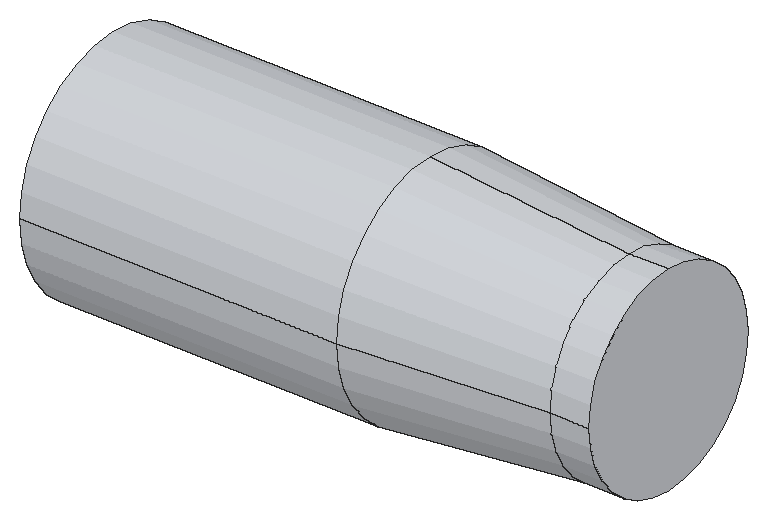
Revit family "e26b4c866e5b46469d8f2071de15edff", category Duct Fittings, Revit 2021
Family settings
  Round Connector Dimension = Use Radius
  Part Type = Tap - Adjustable
  OmniClass Number = 23.75.70.14
  OmniClass Title = Air Ductwork
  Seek Item ID = Round Takeoff Conical - DTL-0000-USA-ENU
  Work Plane-Based = No
  Always vertical = Yes
  Cut with Voids When Loaded = No
  Shared = No
Parameters (values of type "Standard")
  built-in parameter 1114214 [instance] = 1' - 4"
  built-in parameter 1114213 [instance] = 0' - 10"
  built-in parameter 1114215 [instance] = if(Diameter > 1' 4", Diameter * 0.25, 0' 4")  # 0.33333 (stored number, unit not read)
  Radius [instance] = 5"
  Default Elevation = 0' - 0"
  Collar Length [instance] = 2"
  Branch Radius [instance] = Branch Diameter / 2  # 5 7/8"
  Collar Length 1 [instance] = if(Collar Length = 0' 0", 1' 0" / 64, Collar Length)  # 2"
  Diameter [instance] = Radius * 2  # 10"
  Branch Diameter [instance] = 11 3/4"
Reference planes (in)
  plane 1 "Center (Front/Back)": y = 0
  plane 2: z = 0
  plane 3 "Center (Left/Right)": x = 0
  plane 4: x = -16
  plane 5: y = -120
  plane 6: y = 0
  plane 7: y = 0
  plane 8: x = 0
  plane 9: y = 0
  plane 10: x = 0
  plane 11: y = 0
  plane 12: x = 0
Forms (in)
  Extrusion 1, solid, not visible
    sketch origin (0, 0, 0) x (0, 1, 0) y (0, 0, 1)
      loop
        circle (0, 0) r 1
    from 0 to 0.87467
  Extrusion 2, solid, detail levels medium+fine
    sketch origin (0, 0, 0) x (0, 1, 0) y (0, 0, 1)
      loop
        circle (0, 0) r 5.875
    from 0 to -16
  SweptBlend 3, solid, detail levels medium+fine
    path in 3D
      loop
        line (0, 0, 0) -> (10, 0, 0)
    profile "Duct - Round : Duct - Round 1" origin (0, 0, 0) x (0, 1, 0) y (0, 0, 1)
      loop
        arc (-5.875, 0) -> (-4.15425, -4.15425) -> (0, -5.875) r 5.875
        arc (0, -5.875) -> (4.15425, -4.15425) -> (5.875, 0) r 5.875
        arc (5.875, 0) -> (4.15425, 4.15425) -> (0, 5.875) r 5.875
        arc (0, 5.875) -> (-4.15425, 4.15425) -> (-5.875, 0) r 5.875
    end profile "Duct - Round : Duct - Round 2" origin (10, 0, 0) x (0, 1, 0) y (0, 0, 1)
      loop
        arc (-5, 0) -> (-3.53553, -3.53553) -> (0, -5) r 5
        arc (0, -5) -> (3.53553, -3.53553) -> (5, 0) r 5
        arc (5, 0) -> (3.53553, 3.53553) -> (0, 5) r 5
        arc (0, 5) -> (-3.53553, 3.53553) -> (-5, 0) r 5
  Sweep 4, solid, detail levels medium+fine
    path in 3D
      loop
        line (10, 0, 0) -> (12, 0, 0)
    profile "Duct - Round : Duct - Round 2" origin (11, 0, 0) x (0, 1, 0) y (0, 0, 1)
      loop
        arc (-5, 0) -> (-3.53553, -3.53553) -> (0, -5) r 5
        arc (0, -5) -> (3.53553, -3.53553) -> (5, 0) r 5
        arc (5, 0) -> (3.53553, 3.53553) -> (0, 5) r 5
        arc (0, 5) -> (-3.53553, 3.53553) -> (-5, 0) r 5
Cuts and joins
  joined: Extrusion 2, SweptBlend 3, Sweep 4
Lines and regions (in)
  model lines, not visible, detail levels coarse
    curve 1: line (0, 0, 0) -> (10, 0, 0)
    curve 4: line (10, 0, 0) -> (12, 0, 0)
  reference lines
    curve 2: line (0, 0, 0) -> (10, 0, 0)
    curve 6: line (0, 0, 0) -> (10, 0, 0)
    curve 7: line (0, 0, 0) -> (10, 0, 0)
  sketch lines
    curve 3: line (0, 0, 0) -> (10, 0, 0)
    curve 5: line (10, 0, 0) -> (12, 0, 0)
Dimensions and locks (in)
  "built-in parameter 1114214": plane 4 to plane 3 "Center (Left/Right)"
  locked: plane 5 to plane 1 "Center (Front/Back)" at 120
  locked: plane 6 to plane 5 at 120
  "built-in parameter 1114213": curve 1 to curve 1
  locked: plane 8 to plane 3 "Center (Left/Right)"
  locked: plane 7 to plane 5 at 120
  "built-in parameter 1114213": curve 2 to curve 2
  "Collar Length 1": curve 4 to curve 4
  locked: plane 3 "Center (Left/Right)" to Extrusion 1 at 0.87467
  locked: plane 9 to plane 5 at 120
  locked: plane 10 to plane 3 "Center (Left/Right)"
  "built-in parameter 1114213": curve 6 to curve 6
  locked: plane 11 to plane 5 at 120
  locked: plane 12 to plane 3 "Center (Left/Right)"
  "built-in parameter 1114213": curve 7 to curve 7
  radius of Extrusion 1 sketch curve = 0' - 1"
  "Branch Radius": radius of Extrusion 2 sketch curve
  locked: curve 1 to plane 3 "Center (Left/Right)" (angle 90.00°)
  locked: curve 2 to plane 8 (angle 90.00°)
  locked: curve 4 to plane 3 "Center (Left/Right)" (angle 90.00°)
  locked: curve 6 to plane 10 (angle 90.00°)
  locked: curve 7 to plane 12 (angle 90.00°)
  aligned and locked: plane 1 "Center (Front/Back)" to Extrusion 1 sketch curve
  aligned and locked: plane 2 to Extrusion 1 sketch curve
  aligned and locked: Extrusion 1 to plane 3 "Center (Left/Right)"
  aligned and locked: plane 2 to Extrusion 2 sketch curve
  aligned and locked: Extrusion 2 to plane 4
  aligned and locked: plane 3 "Center (Left/Right)" to Extrusion 2
  aligned and locked: plane 1 "Center (Front/Back)" to Extrusion 2 sketch curve
  aligned and locked: plane 6 to curve 1
  aligned and locked: plane 3 "Center (Left/Right)" to curve 1
  aligned and locked: plane 7 to curve 2
  aligned and locked: plane 8 to curve 2
  aligned and locked: plane 10 to curve 6
  aligned and locked: curve 6 to plane 9
  aligned and locked: plane 12 to curve 7
Connectors (in)
  hvac at (0, 0, 0), driven by "Radius"
    settings: on Extrusion 1, index 1, duct flow 0 CFM, flow factor 0, pres drop 0.00 in-wg, loss coef 0, conn angle 0.00°, conn width 12", conn height 12", conn diameter 10", duct sys type 28, conn prof type 0, flow config 0, flow direction 0, loss method 0, conn ref index 2, conn util no, is conn primary yes, conn desc ""
  hvac at (12, 0, 0), driven by "Radius"
    settings: on Sweep 4, index 2, duct flow 0 CFM, flow factor 0, pres drop 0.00 in-wg, loss coef 0, conn angle 0.00°, conn width 12", conn height 12", conn diameter 10", duct sys type 28, conn prof type 0, flow config 0, flow direction 0, loss method 0, conn ref index 1, conn util no, is conn primary no, conn desc ""
